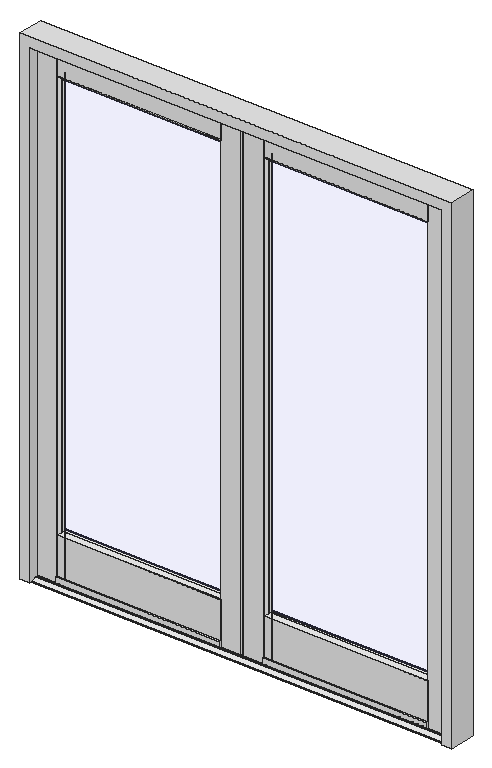
Revit family "kawneer-350_medstile-pr-ctr-02_16352", category Doors, host Wall, Revit 2015
Parameters (values of type "(2)3' x 7' B.R. 7 1/2"")
  URL = "http://www.kawneer.com/kawneer/north_america/en/product.asp?cat_id=1339&prod_id=1816"
  Type Comments = "CENTER HUNG"
  Thickness = 0' - 1 3/4"
  Rough Width = Width + 0' 4"  # 3' - 4"
  Rough Height = Height + 0' 2"  # 7' - 2"
  Product data url = "https://bimobject.com/kawneerna/product/16342"
  Operation = ""
  Opening Width = Width * 2  # 6' - 0"
  Model = "Pair 350 Medium Stile Door Center Set B.R. 7 1/2\""
  Manufacturer = "Kawneer"
  Height = 7' - 0"
  Wall Closure = By host
  Width = 3' - 0"
  Function = Interior
  Door Panel = Kawneer - Fluropon_Bone White-391X035
  Door Glazing = Glass
  Door Frame = Kawneer - Fluropon_Bone White-391X035
  Description = "The \"350\" medium stile entrance door offers a rugged appearance, features dual-moment corner construction and is designed for schools, institutions, and other high traffic conditions."
  Bottom Rail Height = 0' - 7 1/2"
  Assembly Code = "B2030110"
Types (2): name | Operation | Model | Bottom Rail Height
  (2)3' x 7' B.R.6 1/2" | "CENTER HUNG" | "Pair 350 Medium Stile Door Center Set B.R. 6 1/2\"" | 0' - 6 1/2"
  (2)3' x 7' B.R. 7 1/2" | "" | "Pair 350 Medium Stile Door Center Set B.R. 7 1/2\"" | 0' - 7 1/2"
Reference planes (in)
  plane 1: y = 0
  plane 2 "Center": x = 0
  plane 3 "Left": x = -36
  plane 4 "Right": x = 36
  plane 5 "Top": z = 84
  plane 6 "Glass center": y = 0.125
  plane 7: z = 8.1875
  plane 8: z = 0.6875
  plane 9: z = 84
  plane 10: x = -32.65625
  plane 11: x = 32.65838
Forms (in)
  Sweep 1, solid, material "Kawneer - Fluropon_Bone White-391X035" <- "Door Frame"
    path origin (-60, 3, 0) x (-1, 0, 0) y (0, 0, 1)
      loop
        line (-96, 0) -> (-96, 84) -> (-24, 84) -> (-24, 0)
    profile origin (0, 0, 42) x (1, 0, 0) y (0, 1, 0)
      loop
        line (38, 2.25) -> (36.25, 2.25) -> (36.25, -2.25) -> (38, -2.25) -> (38, 2.25)
  Extrusion 2, solid, material "Glass" <- "Door Glazing"
    sketch origin (0, 0.125, 0) x (1, 0, 0) y (0, 0, 1)
      loop
        line (32.65625, 8.375) -> (32.65625, 81.4375) -> (3.91303, 81.4375) -> (3.91303, 8.375) -> (32.65625, 8.375)
    from 0 to 0.25
  Extrusion 3, solid, material "Kawneer - Fluropon_Bone White-391X035" <- "Door Panel"
    sketch origin (0, -1.625, 0.15278) x (0, 1, 0) y (0, 0, 1)
      loop
        line (2.5, 0.53472) -> (2.5, 8.03472) -> (2.43512, 8.03472) -> (2.0085, 8.56703) -> (1.94736, 8.56703)
        arc (1.94736, 8.56703) -> (1.82437, 8.6428) -> (1.75, 8.76663) r 0.30526
        line (1.75, 8.76663) -> (1.75, 8.22222) -> (1.5, 8.22222) -> (1.5, 8.76663)
        arc (1.5, 8.76663) -> (1.42562, 8.6428) -> (1.30264, 8.56703) r 0.30526
        line (1.30264, 8.56703) -> (1.2675, 8.56703) -> (0.82596, 8.03472) -> (0.75, 8.03472) -> (0.75, 1.5921) -> (0.51155, 1.52781) -> (0.51155, 0.64322) -> (0.59155, 0.64322) -> (0.71055, 0.41022)
        arc (0.71055, 0.41022) -> (0.74752, 0.3939) -> (0.76384, 0.43087) r 0.02858
        line (0.76384, 0.43087) -> (0.68155, 0.64322) -> (0.75, 0.64322) -> (0.75, 0.53472) -> (0.888, 0.53472) -> (0.888, 1.25347) -> (2.388, 1.25347) -> (2.388, 0.53472) -> (2.5, 0.53472)
      loop
        line (0.901, 1.37847) -> (2.375, 1.37847) -> (2.375, 7.53572)
        arc (2.375, 7.53572) -> (2.25594, 7.55359) -> (2.201, 7.66072) r 0.1319
        line (2.201, 7.66072) -> (2.201, 7.84722) -> (1.075, 7.84722) -> (1.075, 7.66072)
        arc (1.075, 7.66072) -> (1.02006, 7.55359) -> (0.901, 7.53572) r 0.1319
        line (0.901, 7.53572) -> (0.901, 1.37847)
    from 3.72553 to 32.65838
  Extrusion 4, solid, material "Kawneer - Fluropon_Bone White-391X035" <- "Door Frame", detail levels medium+fine
    sketch origin (0, -1.625, 0) x (0, 1, 0) y (0, 0, 1)
      loop
        line (2.40824, 0.342) -> (2.82032, 0.342) -> (3.31016, 0.1166)
        arc (3.31016, 0.1166) -> (3.33645, 0.09372) -> (3.34624, 0.06027) r 0.062
        line (3.34624, 0.06027) -> (3.34624, 0) -> (3.62824, 0) -> (3.62824, 0.10205)
        arc (3.62824, 0.10205) -> (3.62318, 0.11931) -> (3.60962, 0.13112) r 0.032
        line (3.60962, 0.13112) -> (2.80798, 0.5) -> (2.67111, 0.5)
        arc (2.67111, 0.5) -> (2.63911, 0.468) -> (2.60711, 0.5) r 0.032
        line (2.60711, 0.5) -> (2.45311, 0.5)
        arc (2.45311, 0.5) -> (2.42111, 0.468) -> (2.38911, 0.5) r 0.032
        line (2.38911, 0.5) -> (2.25324, 0.5) -> (2.25324, 0.45) -> (1.00324, 0.45) -> (1.00324, 0.5) -> (0.86737, 0.5)
        arc (0.86737, 0.5) -> (0.83537, 0.468) -> (0.80337, 0.5) r 0.032
        line (0.80337, 0.5) -> (0.64937, 0.5)
        arc (0.64937, 0.5) -> (0.61737, 0.468) -> (0.58537, 0.5) r 0.032
        line (0.58537, 0.5) -> (0.4485, 0.5) -> (-0.35314, 0.13112)
        arc (-0.35314, 0.13112) -> (-0.36671, 0.11931) -> (-0.37176, 0.10205) r 0.032
        line (-0.37176, 0.10205) -> (-0.37176, 0) -> (-0.08976, 0) -> (-0.08976, 0.06027)
        arc (-0.08976, 0.06027) -> (-0.07997, 0.09372) -> (-0.05368, 0.1166) r 0.062
        line (-0.05368, 0.1166) -> (0.43616, 0.342) -> (0.84724, 0.342) -> (0.84724, 0.28492) -> (2.40824, 0.28492) -> (2.40824, 0.342)
    from -38 to 36.25
  Extrusion 5, solid, material "Kawneer - Fluropon_Bone White-391X035" <- "Door Panel"
    sketch origin (0, 0, 0) x (1, 0, 0) y (0, 1, 0)
      loop
        arc (0.22766, 0.875) -> (0.12658, 0.56805) -> (0.06928, 0.25) r 2.3125
        line (0.06928, 0.25) -> (0.25578, 0.25)
        arc (0.25578, 0.25) -> (0.31928, 0.312) -> (0.38178, 0.249) r 0.063
        line (0.38178, 0.249) -> (0.38178, -0.249)
        arc (0.38178, -0.249) -> (0.31928, -0.312) -> (0.25578, -0.25) r 0.063
        line (0.25578, -0.25) -> (0.06928, -0.25)
        arc (0.06928, -0.25) -> (0.12658, -0.56805) -> (0.22765, -0.875) r 2.3125
        line (0.22765, -0.875) -> (3.72553, -0.875) -> (3.72553, -0.81012) -> (4.25553, -0.3705) -> (4.25553, -0.30936)
        arc (4.25553, -0.30936) -> (4.31864, -0.19967) -> (4.42081, -0.125) r 0.30526
        line (4.42081, -0.125) -> (3.91303, -0.125) -> (3.91303, 0.125) -> (4.42081, 0.125)
        arc (4.42081, 0.125) -> (4.31864, 0.19967) -> (4.25553, 0.30936) r 0.30526
        line (4.25553, 0.30936) -> (4.25553, 0.3705) -> (3.72553, 0.81012) -> (3.72553, 0.875) -> (0.22766, 0.875)
    from 0.6875 to 84
  Extrusion 6, solid, material "Glass" <- "Door Glazing"
    sketch origin (0, 0.125, 0) x (-1, 0, 0) y (0, 0, -1)
      loop
        line (32.46875, -8.375) -> (3.91303, -8.375) -> (3.91303, -81.4375) -> (32.46875, -81.4375) -> (32.46875, -8.375)
    from 0 to 0.25
  Extrusion 7, solid, material "Kawneer - Fluropon_Bone White-391X035" <- "Door Panel"
    sketch origin (0, -1.625, 0.15278) x (0, 1, 0) y (0, 0, -1)
      loop
        line (2.5, -0.53472) -> (2.388, -0.53472) -> (2.388, -1.25347) -> (0.888, -1.25347) -> (0.888, -0.53472) -> (0.75, -0.53472) -> (0.75, -0.64322) -> (0.68155, -0.64322) -> (0.76384, -0.43087)
        arc (0.76384, -0.43087) -> (0.74752, -0.3939) -> (0.71055, -0.41022) r 0.02858
        line (0.71055, -0.41022) -> (0.59155, -0.64322) -> (0.51155, -0.64322) -> (0.51155, -1.52781) -> (0.75, -1.5921) -> (0.75, -8.03472) -> (0.82596, -8.03472) -> (1.2675, -8.56703) -> (1.30264, -8.56703)
        arc (1.30264, -8.56703) -> (1.42562, -8.6428) -> (1.5, -8.76663) r 0.30526
        line (1.5, -8.76663) -> (1.5, -8.22222) -> (1.75, -8.22222) -> (1.75, -8.76663)
        arc (1.75, -8.76663) -> (1.82437, -8.6428) -> (1.94736, -8.56703) r 0.30526
        line (1.94736, -8.56703) -> (2.0085, -8.56703) -> (2.43512, -8.03472) -> (2.5, -8.03472) -> (2.5, -0.53472)
      loop
        line (0.901, -1.37847) -> (0.901, -7.53572)
        arc (0.901, -7.53572) -> (1.02006, -7.55359) -> (1.075, -7.66072) r 0.1319
        line (1.075, -7.66072) -> (1.075, -7.84722) -> (2.201, -7.84722) -> (2.201, -7.66072)
        arc (2.201, -7.66072) -> (2.25594, -7.55359) -> (2.375, -7.53572) r 0.1319
        line (2.375, -7.53572) -> (2.375, -1.37847) -> (0.901, -1.37847)
    from 3.72553 to 32.65625
  Extrusion 8, solid, material "Kawneer - Fluropon_Bone White-391X035" <- "Door Panel"
    sketch origin (0, 0, 0) x (-1, 0, 0) y (0, -1, 0)
      loop
        line (0.22766, -0.875) -> (3.72553, -0.875) -> (3.72553, -0.81012) -> (4.25553, -0.3705) -> (4.25553, -0.30936)
        arc (4.25553, -0.30936) -> (4.31864, -0.19967) -> (4.42081, -0.125) r 0.30526
        line (4.42081, -0.125) -> (3.91303, -0.125) -> (3.91303, 0.125) -> (4.42081, 0.125)
        arc (4.42081, 0.125) -> (4.31864, 0.19967) -> (4.25553, 0.30936) r 0.30526
        line (4.25553, 0.30936) -> (4.25553, 0.3705) -> (3.72553, 0.81012) -> (3.72553, 0.875) -> (0.22765, 0.875)
        arc (0.22765, 0.875) -> (0.12658, 0.56805) -> (0.06928, 0.25) r 2.3125
        line (0.06928, 0.25) -> (0.25578, 0.25)
        arc (0.25578, 0.25) -> (0.31928, 0.312) -> (0.38178, 0.249) r 0.063
        line (0.38178, 0.249) -> (0.38178, -0.249)
        arc (0.38178, -0.249) -> (0.31928, -0.312) -> (0.25578, -0.25) r 0.063
        line (0.25578, -0.25) -> (0.06928, -0.25)
        arc (0.06928, -0.25) -> (0.12658, -0.56805) -> (0.22766, -0.875) r 2.3125
    from 0.6875 to 84
  Extrusion 9, solid, material "Kawneer - Fluropon_Bone White-391X035" <- "Door Panel"
    sketch origin (0, -0.125, 23.875) x (0, 1, 0) y (0, 0, 1)
      loop
        line (-0.75, 60.125) -> (-0.75, 56.625) -> (-0.68484, 56.625) -> (-0.24521, 56.095) -> (-0.15138, 56.095) -> (0, 55.96232) -> (0, 56.4375) -> (0.24999, 56.4375) -> (0.24999, 55.94982) -> (0.40117, 56.095) -> (0.49715, 56.095) -> (0.93677, 56.625) -> (1, 56.625) -> (1, 60.125) -> (0.93512, 60.125) -> (0.93512, 59.25) -> (-0.68512, 59.25) -> (-0.68512, 60.125) -> (-0.75, 60.125)
    from 3.72553 to 32.65838
  Extrusion 10, solid, material "Kawneer - Fluropon_Bone White-391X035" <- "Door Panel"
    sketch origin (0, -0.125, 23.875) x (0, 1, 0) y (0, 0, -1)
      loop
        line (-0.75, -60.125) -> (-0.68512, -60.125) -> (-0.68512, -59.25) -> (0.93512, -59.25) -> (0.93512, -60.125) -> (1, -60.125) -> (1, -56.625) -> (0.93677, -56.625) -> (0.49715, -56.095) -> (0.40117, -56.095) -> (0.24999, -55.94982) -> (0.24999, -56.4375) -> (0, -56.4375) -> (0, -55.96232) -> (-0.15138, -56.095) -> (-0.24521, -56.095) -> (-0.68484, -56.625) -> (-0.75, -56.625) -> (-0.75, -60.125)
    from 3.72553 to 32.65625
  Extrusion 11, solid, material "Kawneer - Fluropon_Bone White-391X035" <- "Door Panel"
    sketch origin (-34.75678, 0, 0) x (1, 0, 0) y (0, 1, 0)
      loop
        arc (-1.24109, 0.875) -> (-1.34217, 0.56805) -> (-1.39947, 0.25) r 2.3125
        line (-1.39947, 0.25) -> (-1.21296, 0.25)
        arc (-1.21296, 0.25) -> (-1.14947, 0.312) -> (-1.08697, 0.249) r 0.063
        line (-1.08697, 0.249) -> (-1.08697, -0.249)
        arc (-1.08697, -0.249) -> (-1.14947, -0.312) -> (-1.21296, -0.25) r 0.063
        line (-1.21296, -0.25) -> (-1.39947, -0.25)
        arc (-1.39947, -0.25) -> (-1.34217, -0.56805) -> (-1.24109, -0.875) r 2.3125
        line (-1.24109, -0.875) -> (2.10053, -0.875) -> (2.10053, -0.81012) -> (2.63053, -0.3705) -> (2.63053, -0.30936)
        arc (2.63053, -0.30936) -> (2.69364, -0.19967) -> (2.79581, -0.125) r 0.30526
        line (2.79581, -0.125) -> (2.28803, -0.125) -> (2.28803, 0.125) -> (2.79581, 0.125)
        arc (2.79581, 0.125) -> (2.69364, 0.19967) -> (2.63053, 0.30936) r 0.30526
        line (2.63053, 0.30936) -> (2.63053, 0.3705) -> (2.10053, 0.81012) -> (2.10053, 0.875) -> (-1.24109, 0.875)
    from 0.6875 to 84
  Extrusion 12, solid, material "Kawneer - Fluropon_Bone White-391X035" <- "Door Panel"
    sketch origin (34.75678, 0, 0) x (-1, 0, 0) y (0, -1, 0)
      loop
        line (-1.24109, -0.875) -> (2.08605, -0.875) -> (2.08605, -0.81365) -> (2.63053, -0.3705) -> (2.63053, -0.30936)
        arc (2.63053, -0.30936) -> (2.69364, -0.19967) -> (2.79581, -0.125) r 0.30526
        line (2.79581, -0.125) -> (2.28803, -0.125) -> (2.28803, 0.125) -> (2.79581, 0.125)
        arc (2.79581, 0.125) -> (2.69364, 0.19967) -> (2.63053, 0.30936) r 0.30526
        line (2.63053, 0.30936) -> (2.63053, 0.3705) -> (2.10053, 0.81012) -> (2.10053, 0.875) -> (-1.24109, 0.875)
        arc (-1.24109, 0.875) -> (-1.34217, 0.56805) -> (-1.39947, 0.25) r 2.3125
        line (-1.39947, 0.25) -> (-1.21296, 0.25)
        arc (-1.21296, 0.25) -> (-1.14947, 0.312) -> (-1.08697, 0.249) r 0.063
        line (-1.08697, 0.249) -> (-1.08697, 0.07548)
        arc (-1.08697, 0.07548) -> (-1.14947, 0.01249) -> (-1.21296, 0.07448) r 0.063
        line (-1.21296, 0.07448) -> (-1.41182, 0.07448)
        arc (-1.41182, 0.07448) -> (-1.37652, -0.40926) -> (-1.24109, -0.875) r 2.3125
    from 0.6875 to 84
Lines and regions (in)
  Opening 1
    outline origin (-90, -3, 0) x (1, 0, 0) y (0, 0, 1)
      loop
        line (52, 0) -> (128, 0) -> (128, 86) -> (52, 86) -> (52, 0)
  symbolic lines, style "Elevation Swing"
    curve 1: line (-0.38178, 3, 0.6875) -> (-36, 3, 42)
    curve 2: line (-36, 3, 42) -> (-0.22766, 3, 84.125)
    curve 10: line (0.38178, 3, 0.6875) -> (36, 3, 45.625)
    curve 11: line (36, 3, 45.625) -> (0.22766, 3, 84.125)
  symbolic lines
    curve 3: line (-36, 1, 0) -> (-34.25, 1, 0)
    curve 4: line (-36, 38.25, 0) -> (-36, 1, 0)
    curve 5: line (-34.25, 38.25, 0) -> (-36, 38.25, 0)
    curve 6: line (-34.25, 1, 0) -> (-34.25, 38.25, 0)
    curve 7: arc (-36, 38.25, 0) -> (-10.54416, 27.70584, 0) -> (0, 2.25, 0) r 36
    curve 12: line (36, 1, 0) -> (34.25, 1, 0)
    curve 13: line (36, 38.25, 0) -> (36, 1, 0)
    curve 14: line (34.25, 38.25, 0) -> (36, 38.25, 0)
    curve 15: line (34.25, 1, 0) -> (34.25, 38.25, 0)
    curve 16: arc (36, 38.25, 0) -> (10.54416, 27.70584, 0) -> (0, 2.25, 0) r 36
  model lines
    curve 8: line (0.06928, -1.19557, 0) -> (-0.06928, -1.19557, 0)
    curve 9: line (-0.06928, -1.19557, 0) -> (0.06928, -1.19557, 0)
Text (in)
  text "Exterior" at (-58.67754, 27.31104, 0), in view "Floor Line"
  text "Interior" at (-58.34764, -25.14366, 0), in view "Floor Line"
  text "Exterior" at (0, 40.15149, 123.01588), in view "Right"
  text "Interior" at (0, -64.39139, 123.01588), in view "Right"
  text "Interior" at (0, -31.01599, 123.00693), in view "Left"
  text "Exterior" at (0, 54.57065, 123.00693), in view "Left"
Dimensions and locks (in)
  equal spacing: plane 3 "Left", plane 2 "Center", plane 4 "Right"
  "Height": level to plane 5 "Top"
  "Opening Width": plane 3 "Left" to plane 4 "Right"
  equal spacing: host wall, curve 2, plane 5 "Top"
  locked: plane 4 "Right" to Opening 1 sketch curve at 2
  locked: Opening 1 sketch curve to plane 3 "Left" at 2
  locked: plane 5 "Top" to Opening 1 sketch curve at 2
  locked: Sweep 1 sketch curve to Sweep 1 sketch curve at 4.5
  locked: profile plane to Sweep 1 sketch curve at 2
  "Width": curve 5 to Sweep 1
  "Thickness": plane 3 "Left" to curve 6
  locked: Sweep 1 to Sweep 1 at 1.75  (x2)
  locked: plane 8 to level at 0.6875
  "Bottom Rail Height": plane 7 to plane 8
  equal spacing: Sweep 1 sketch curve, host wall, Sweep 1 sketch curve
  locked: Extrusion 9 sketch curve to Extrusion 9 sketch curve at 1.75
  locked: Extrusion 10 sketch curve to Extrusion 10 sketch curve at 1.75
  Extrusion 10 sketch curve to Extrusion 10 sketch curve to Extrusion 10 sketch curve = 0' - 0.66269" locked, 0' - 3 1/2" locked
  plane 9 to Sweep 1 = 0' - 0 1/4"
  Extrusion 8 sketch curve to Extrusion 8 sketch curve = 0' - 3.49787"
  locked: Extrusion 9 sketch curve to plane 9 at 3.5
  locked: Extrusion 9 sketch curve to Extrusion 9 sketch curve at 0.66269
  Extrusion 12 sketch curve to Extrusion 12 sketch curve = 0' - 3.49787"
  locked: Sweep 1 to plane 10 at 3.59375
  locked: plane 11 to plane 4 "Right" at 3.34162
  locked: plane 3 "Left" to plane 10 at 3.34375
  aligned and locked: Opening 1 sketch curve to level
  aligned and locked: plane 3 "Left" to curve 1
  aligned and locked: plane 4 "Right" to Sweep 1 sketch curve
  aligned and locked: Sweep 1 sketch curve to plane 3 "Left"
  aligned and locked: plane 5 "Top" to Sweep 1 sketch curve
  aligned and locked: plane 7 to Extrusion 3 sketch curve  (x2)
  aligned and locked: Extrusion 2 to Extrusion 3
  aligned and locked: plane 8 to Extrusion 3
  aligned and locked: Extrusion 4 to Sweep 1  (x2)
  aligned and locked: Extrusion 5 to plane 8
  aligned and locked: Extrusion 7 to Extrusion 6
  aligned and locked: curve 2 to Extrusion 8
  aligned and locked: Extrusion 8 to curve 1
  aligned and locked: Extrusion 9 sketch curve to Extrusion 9 sketch curve  (x2)
  aligned and locked: Extrusion 5 to plane 9
  aligned and locked: Extrusion 8 to plane 9
  aligned and locked: Extrusion 9 to plane 9
  aligned and locked: Extrusion 10 sketch curve to Extrusion 10 sketch curve  (x2)
  aligned and locked: Extrusion 10 to plane 9
  aligned and locked: plane 9 to plane 5 "Top"
  aligned and locked: Extrusion 6 to Extrusion 8
  aligned and locked: Extrusion 3 to Extrusion 5
  aligned and locked: Extrusion 9 to Extrusion 5
  aligned and locked: Extrusion 10 to Extrusion 8
  aligned and locked: Extrusion 7 to Extrusion 8
  aligned and locked: Extrusion 10 to Extrusion 11
  aligned and locked: Extrusion 7 to Extrusion 11
  aligned and locked: Extrusion 11 to plane 10
  aligned and locked: Extrusion 11 sketch curve to Extrusion 11 sketch curve
  aligned and locked: Extrusion 9 to plane 11
  aligned and locked: Extrusion 3 to plane 11
  aligned and locked: Extrusion 11 to plane 9
  aligned and locked: Extrusion 12 to plane 9
Automatic sketch dimensions
  curve 3 to plane 3 "Left" = 0' - 0"
  curve 7 to plane 2 "Center" = 0' - 0"
  curve 3 to plane 6 "Glass center" = 0' - 0 7/8"
  curve 1 to plane 8 = 0' - 0"
  curve 2 to plane 5 "Top" = 0' - 0 1/8"
  Sweep 1 sketch curve to level = 0' - 0"  (x2)
  Sweep 1 sketch curve to profile plane = 0' - 0 1/4"
  plane 7 to Extrusion 2 sketch curve = 0' - 0 3/16"
  plane 2 "Center" to Extrusion 2 sketch curve = 0' - 3.91303"
  plane 4 "Right" to Extrusion 2 sketch curve = 0' - 3 11/32"
  plane 5 "Top" to Extrusion 2 sketch curve = 0' - 2 9/16"
  Extrusion 3 sketch curve to plane 8 = 0' - 0"  (x2)
  Extrusion 3 sketch curve to plane 6 "Glass center" = 0' - 0"
  host wall to Extrusion 3 sketch curve = 0' - 0 1/8"
  Extrusion 3 sketch curve to Extrusion 3 sketch curve = 0' - 0.19736"
  Extrusion 3 sketch curve to Extrusion 3 sketch curve = 0' - 0 9/256"
  Extrusion 3 sketch curve to Extrusion 3 sketch curve = 0' - 0.05894"
  host wall to Extrusion 3 sketch curve = 0' - 0.55"
  Extrusion 3 sketch curve to Extrusion 3 sketch curve = 0' - 0.1319"  (x2)
  Extrusion 3 sketch curve to Extrusion 3 sketch curve = 0' - 0.0421"  (x2)
  Extrusion 3 sketch curve to Extrusion 3 sketch curve = 0' - 0.013"
  Extrusion 3 sketch curve to Extrusion 3 sketch curve = 0' - 0.24904"
  Extrusion 3 sketch curve to plane 8 = 0' - 0.10384"
  Extrusion 3 sketch curve to Extrusion 3 sketch curve = 0' - 0.12416"
  Extrusion 3 sketch curve to Extrusion 3 sketch curve = 0' - 0.01384"
  Extrusion 3 sketch curve to Extrusion 3 sketch curve = 0' - 0.07596"
  Extrusion 3 sketch curve to Extrusion 3 sketch curve = 0' - 0.02665"  (x2)
  Extrusion 3 sketch curve to plane 8 = 0' - 0.1245"
  Extrusion 3 sketch curve to Extrusion 3 sketch curve = 0' - 0.06845"
  plane 8 to Extrusion 3 sketch curve = 0' - 0.1085"
  Extrusion 3 sketch curve to Extrusion 3 sketch curve = 0' - 0.09"
  Extrusion 3 sketch curve to Extrusion 3 sketch curve = 0' - 0.23845"
  Extrusion 3 sketch curve to plane 6 "Glass center" = 0' - 0.19736"
  Extrusion 3 sketch curve to Extrusion 3 sketch curve = 0' - 0.06114"
  Extrusion 3 sketch curve to plane 6 "Glass center" = 0' - 0.29144"
  Extrusion 3 sketch curve to plane 6 "Glass center" = 0' - 0.451"
  Extrusion 3 sketch curve to plane 6 "Glass center" = 0' - 0.638"
  Extrusion 3 sketch curve to Extrusion 3 sketch curve = 0' - 0.23412"
  Extrusion 3 sketch curve to Extrusion 3 sketch curve = 0' - 0.06488"
  Extrusion 3 sketch curve to Extrusion 3 sketch curve = 0' - 0"  (x2)
  plane 8 to Extrusion 3 sketch curve = 0' - 0 23/32"
  Extrusion 3 sketch curve to Extrusion 3 sketch curve = 0' - 0 1/8"
  Extrusion 3 sketch curve to Extrusion 3 sketch curve = 0' - 0.14935"
  Extrusion 3 sketch curve to Extrusion 3 sketch curve = 0' - 0.06429"
  Extrusion 3 sketch curve to plane 7 = 0' - 0.499"  (x2)
  Extrusion 3 sketch curve to Extrusion 3 sketch curve = 0' - 0.1865"
  plane 7 to Extrusion 3 sketch curve = 0' - 0 3/16"
  Extrusion 3 sketch curve to Extrusion 3 sketch curve = 0' - 0.34482"  (x2)
  Extrusion 3 sketch curve to Extrusion 3 sketch curve = 0' - 0.1996"
  Extrusion 4 sketch curve to level = 0' - 0"  (x2)
  level to Extrusion 4 sketch curve = 0' - 0.10205"  (x2)
  Extrusion 4 sketch curve to host wall = 0' - 1.00324"
  level to Extrusion 4 sketch curve = 0' - 0.13112"
  Extrusion 4 sketch curve to Extrusion 4 sketch curve = 0' - 0.01862"
  level to Extrusion 4 sketch curve = 0' - 0.06027"  (x2)
  Extrusion 4 sketch curve to Extrusion 4 sketch curve = 0' - 0 1/4"  (x2)
  level to Extrusion 4 sketch curve = 0' - 0.1166"
  Extrusion 4 sketch curve to Extrusion 4 sketch curve = 0' - 0.03608"
  level to Extrusion 4 sketch curve = 0' - 0.342"  (x2)
  Extrusion 4 sketch curve to Extrusion 4 sketch curve = 0' - 0.48984"
  Extrusion 4 sketch curve to plane 8 = 0' - 0 3/16"
  Extrusion 4 sketch curve to Extrusion 4 sketch curve = 0' - 0.01233"  (x2)
  Extrusion 4 sketch curve to Extrusion 4 sketch curve = 0' - 0.13687"  (x2)
  Extrusion 4 sketch curve to Extrusion 4 sketch curve = 0' - 0.032"  (x5)
  Extrusion 4 sketch curve to Extrusion 4 sketch curve = 0' - 0.154"  (x2)
  Extrusion 4 sketch curve to Extrusion 4 sketch curve = 0' - 0.01187"
  Extrusion 4 sketch curve to Extrusion 4 sketch curve = 0' - 0.13587"  (x2)
  Extrusion 4 sketch curve to plane 8 = 0' - 0.2375"
  Extrusion 4 sketch curve to plane 6 "Glass center" = 0' - 0.50324"
  Extrusion 4 sketch curve to Extrusion 4 sketch curve = 0' - 0.01913"
  Extrusion 4 sketch curve to Extrusion 4 sketch curve = 0' - 0.46392"
  Extrusion 4 sketch curve to Extrusion 4 sketch curve = 0' - 0.02592"
  Extrusion 4 sketch curve to Extrusion 4 sketch curve = 0' - 0.062"
  Extrusion 4 sketch curve to Extrusion 4 sketch curve = 0' - 0.01338"
  Extrusion 4 sketch curve to Extrusion 4 sketch curve = 0' - 0.05708"
  Extrusion 4 sketch curve to Extrusion 4 sketch curve = 0' - 0.05"
  curve 16 to plane 2 "Center" = 0' - 0"
  curve 12 to plane 4 "Right" = 0' - 0"
  curve 9 to plane 2 "Center" = 0' - 0.06928"
  curve 8 to curve 9 = 0' - 0"  (x2)
  plane 2 "Center" to curve 9 = 0' - 0.06928"
  plane 4 "Right" to curve 12 = 0' - 1 3/4"
  host wall to curve 8 = 0' - 1.19557"
  curve 9 to curve 8 = 0' - 0"
  curve 12 to plane 6 "Glass center" = 0' - 0 7/8"
  curve 16 to host wall = 0' - 0 3/4"
  Extrusion 5 sketch curve to Extrusion 5 sketch curve = 0' - 0"  (x2)
  Extrusion 5 sketch curve to host wall = 0' - 0"
  Extrusion 5 sketch curve to plane 6 "Glass center" = 0' - 0"
  plane 2 "Center" to Extrusion 5 sketch curve = 0' - 0.06928"  (x2)
  plane 2 "Center" to Extrusion 5 sketch curve = 0' - 0.22765"
  plane 2 "Center" to Extrusion 5 sketch curve = 0' - 0.22766"
  Extrusion 5 sketch curve to Extrusion 5 sketch curve = 0' - 0.18651"  (x2)
  Extrusion 5 sketch curve to Extrusion 5 sketch curve = 0' - 0.06299"  (x2)
  Extrusion 5 sketch curve to Extrusion 5 sketch curve = 0' - 0.063"
  Extrusion 5 sketch curve to Extrusion 5 sketch curve = 0' - 1.98645"
  Extrusion 5 sketch curve to Extrusion 5 sketch curve = 0' - 1.3573"  (x2)
  host wall to Extrusion 5 sketch curve = 0' - 0 1/8"
  Extrusion 5 sketch curve to Extrusion 5 sketch curve = 0' - 0 3/16"
  Extrusion 5 sketch curve to Extrusion 5 sketch curve = 0' - 0.3425"  (x2)
  Extrusion 5 sketch curve to plane 6 "Glass center" = 0' - 0.18436"
  Extrusion 5 sketch curve to Extrusion 5 sketch curve = 0' - 0.16528"  (x2)
  Extrusion 5 sketch curve to Extrusion 5 sketch curve = 0' - 0.2904"
  Extrusion 5 sketch curve to plane 6 "Glass center" = 0' - 0.27844"
  host wall to Extrusion 5 sketch curve = 0' - 0.249"
  Extrusion 5 sketch curve to Extrusion 5 sketch curve = 0' - 0.18436"
  Extrusion 5 sketch curve to Extrusion 5 sketch curve = 0' - 0.06114"  (x2)
  Extrusion 5 sketch curve to Extrusion 5 sketch curve = 0' - 0.06488"  (x2)
  Extrusion 5 sketch curve to plane 6 "Glass center" = 0' - 0.124"
  Extrusion 6 sketch curve to plane 7 = 0' - 0 3/16"
  plane 2 "Center" to Extrusion 6 sketch curve = 0' - 3.91303"
  plane 3 "Left" to Extrusion 6 sketch curve = 0' - 3 17/32"
  Extrusion 6 sketch curve to plane 5 "Top" = 0' - 2 9/16"
  Extrusion 7 sketch curve to plane 7 = 0' - 0"  (x2)
  Extrusion 7 sketch curve to plane 8 = 0' - 0"  (x2)
  Extrusion 7 sketch curve to plane 6 "Glass center" = 0' - 0"
  host wall to Extrusion 7 sketch curve = 0' - 0 1/8"
  Extrusion 7 sketch curve to Extrusion 7 sketch curve = 0' - 0.19736"
  Extrusion 7 sketch curve to Extrusion 7 sketch curve = 0' - 0 9/256"
  Extrusion 7 sketch curve to Extrusion 7 sketch curve = 0' - 0.05894"
  host wall to Extrusion 7 sketch curve = 0' - 0.55"
  Extrusion 7 sketch curve to Extrusion 7 sketch curve = 0' - 0.1319"  (x2)
  Extrusion 7 sketch curve to Extrusion 7 sketch curve = 0' - 0.0421"  (x2)
  Extrusion 7 sketch curve to Extrusion 7 sketch curve = 0' - 0.013"
  Extrusion 7 sketch curve to Extrusion 7 sketch curve = 0' - 0.24904"
  Extrusion 7 sketch curve to plane 8 = 0' - 0.10384"
  Extrusion 7 sketch curve to Extrusion 7 sketch curve = 0' - 0.12416"
  Extrusion 7 sketch curve to Extrusion 7 sketch curve = 0' - 0.01384"
  Extrusion 7 sketch curve to Extrusion 7 sketch curve = 0' - 0.07596"
  Extrusion 7 sketch curve to Extrusion 7 sketch curve = 0' - 0.02665"  (x2)
  Extrusion 7 sketch curve to plane 8 = 0' - 0.1245"
  Extrusion 7 sketch curve to Extrusion 7 sketch curve = 0' - 0.06845"
  plane 8 to Extrusion 7 sketch curve = 0' - 0.1085"  (x2)
  Extrusion 7 sketch curve to Extrusion 7 sketch curve = 0' - 0.09"
  Extrusion 7 sketch curve to Extrusion 7 sketch curve = 0' - 0.23845"
  Extrusion 7 sketch curve to plane 6 "Glass center" = 0' - 0.19736"
  Extrusion 7 sketch curve to Extrusion 7 sketch curve = 0' - 0.06114"
  Extrusion 7 sketch curve to plane 6 "Glass center" = 0' - 0.29144"
  Extrusion 7 sketch curve to plane 6 "Glass center" = 0' - 0.451"
  Extrusion 7 sketch curve to plane 6 "Glass center" = 0' - 0.638"
  Extrusion 7 sketch curve to Extrusion 7 sketch curve = 0' - 0.23412"
  Extrusion 7 sketch curve to Extrusion 7 sketch curve = 0' - 0.06488"
  plane 7 to Extrusion 7 sketch curve = 0' - 0 3/16"
  Extrusion 7 sketch curve to Extrusion 7 sketch curve = 0' - 0.34482"  (x2)
  Extrusion 7 sketch curve to Extrusion 7 sketch curve = 0' - 0.1996"
  Extrusion 7 sketch curve to Extrusion 7 sketch curve = 0' - 0"
  Extrusion 7 sketch curve to plane 7 = 0' - 0 3/16"
  Extrusion 7 sketch curve to Extrusion 7 sketch curve = 0' - 0.1865"  (x2)
  Extrusion 7 sketch curve to Extrusion 7 sketch curve = 0' - 0.94889"
  Extrusion 7 sketch curve to Extrusion 7 sketch curve = 0' - 0.06429"
  plane 8 to Extrusion 7 sketch curve = 0' - 0 27/32"
  Extrusion 7 sketch curve to Extrusion 7 sketch curve = 0' - 0 1/8"
  Extrusion 8 sketch curve to Extrusion 8 sketch curve = 0' - 0"  (x2)
  Extrusion 8 sketch curve to host wall = 0' - 0"
  Extrusion 8 sketch curve to plane 6 "Glass center" = 0' - 0"
  plane 2 "Center" to Extrusion 8 sketch curve = 0' - 0.06928"  (x2)
  plane 2 "Center" to Extrusion 8 sketch curve = 0' - 0.22765"
  plane 2 "Center" to Extrusion 8 sketch curve = 0' - 0.22766"
  Extrusion 8 sketch curve to Extrusion 8 sketch curve = 0' - 0.18651"  (x2)
  Extrusion 8 sketch curve to Extrusion 8 sketch curve = 0' - 0.06299"  (x2)
  Extrusion 8 sketch curve to Extrusion 8 sketch curve = 0' - 0.063"
  Extrusion 8 sketch curve to Extrusion 8 sketch curve = 0' - 1.3573"  (x2)
  Extrusion 8 sketch curve to host wall = 0' - 0 1/8"
  Extrusion 8 sketch curve to Extrusion 8 sketch curve = 0' - 0 3/16"
  Extrusion 8 sketch curve to Extrusion 8 sketch curve = 0' - 0.3425"  (x2)
  plane 6 "Glass center" to Extrusion 8 sketch curve = 0' - 0.18436"
  Extrusion 8 sketch curve to Extrusion 8 sketch curve = 0' - 0.16528"  (x2)
  Extrusion 8 sketch curve to Extrusion 8 sketch curve = 0' - 0.2904"
  plane 6 "Glass center" to Extrusion 8 sketch curve = 0' - 0.27844"
  Extrusion 8 sketch curve to host wall = 0' - 0.249"
  Extrusion 8 sketch curve to Extrusion 8 sketch curve = 0' - 0.18436"
  Extrusion 8 sketch curve to Extrusion 8 sketch curve = 0' - 0.06114"  (x2)
  Extrusion 8 sketch curve to Extrusion 8 sketch curve = 0' - 0.06488"  (x2)
  plane 6 "Glass center" to Extrusion 8 sketch curve = 0' - 0.124"
  curve 10 to plane 4 "Right" = 0' - 0"
  curve 10 to plane 8 = 0' - 0"
  plane 2 "Center" to curve 10 = 0' - 0.38178"
  plane 2 "Center" to curve 11 = 0' - 0.22766"
  plane 7 to curve 11 = 3' - 1 7/16"
  curve 11 to plane 5 "Top" = 0' - 0 1/8"
  Extrusion 9 sketch curve to plane 5 "Top" = 0' - 0"
  Extrusion 9 sketch curve to plane 6 "Glass center" = 0' - 0"
  host wall to Extrusion 9 sketch curve = 0' - 0 1/8"
  Extrusion 9 sketch curve to Extrusion 9 sketch curve = 0' - 0.15138"
  Extrusion 9 sketch curve to Extrusion 9 sketch curve = 0' - 0.09383"
  Extrusion 9 sketch curve to Extrusion 9 sketch curve = 0' - 0.43962"
  host wall to Extrusion 9 sketch curve = 0' - 0.81012"
  Extrusion 9 sketch curve to Extrusion 9 sketch curve = 0' - 0.06488"  (x2)
  Extrusion 9 sketch curve to plane 6 "Glass center" = 0' - 0.15117"
  Extrusion 9 sketch curve to Extrusion 9 sketch curve = 0' - 0.09598"
  Extrusion 9 sketch curve to Extrusion 9 sketch curve = 0' - 0.06323"
  Extrusion 9 sketch curve to Extrusion 9 sketch curve = 0' - 0.0125"
  Extrusion 9 sketch curve to Extrusion 9 sketch curve = 0' - 0.13269"
  Extrusion 9 sketch curve to Extrusion 9 sketch curve = 0' - 0.14518"
  Extrusion 9 sketch curve to Extrusion 9 sketch curve = 0' - 0.3425"
  plane 5 "Top" to Extrusion 9 sketch curve = 0' - 0 7/8"
  Extrusion 10 sketch curve to plane 5 "Top" = 0' - 0"
  Extrusion 10 sketch curve to plane 6 "Glass center" = 0' - 0"
  host wall to Extrusion 10 sketch curve = 0' - 0 1/8"
  Extrusion 10 sketch curve to Extrusion 10 sketch curve = 0' - 0.15138"
  Extrusion 10 sketch curve to Extrusion 10 sketch curve = 0' - 0.09383"
  Extrusion 10 sketch curve to Extrusion 10 sketch curve = 0' - 0.43962"
  host wall to Extrusion 10 sketch curve = 0' - 0.81012"
  Extrusion 10 sketch curve to Extrusion 10 sketch curve = 0' - 0.06488"  (x2)
  Extrusion 10 sketch curve to plane 6 "Glass center" = 0' - 0.15117"
  Extrusion 10 sketch curve to Extrusion 10 sketch curve = 0' - 0.09598"
  Extrusion 10 sketch curve to Extrusion 10 sketch curve = 0' - 0.06323"
  plane 5 "Top" to Extrusion 10 sketch curve = 0' - 0 7/8"
  Extrusion 10 sketch curve to Extrusion 10 sketch curve = 0' - 0.47519"
  Extrusion 10 sketch curve to Extrusion 10 sketch curve = 0' - 0.13269"
  Extrusion 10 sketch curve to Extrusion 10 sketch curve = 0' - 0.3425"
  Extrusion 10 sketch curve to Extrusion 10 sketch curve = 0' - 0.14518"
  Extrusion 11 sketch curve to Extrusion 11 sketch curve = 0' - 0"  (x3)
  Extrusion 11 sketch curve to host wall = 0' - 0"
  Extrusion 11 sketch curve to plane 6 "Glass center" = 0' - 0"
  plane 3 "Left" to Extrusion 11 sketch curve = 0' - 0 5/32"  (x2)
  Extrusion 11 sketch curve to plane 3 "Left" = 0' - 0.00212"
  Extrusion 11 sketch curve to plane 3 "Left" = 0' - 0.00213"
  Extrusion 11 sketch curve to plane 3 "Left" = 0' - 0.03025"  (x2)
  Extrusion 11 sketch curve to Extrusion 11 sketch curve = 0' - 0.06299"  (x2)
  Extrusion 11 sketch curve to Extrusion 11 sketch curve = 0' - 0.063"
  Extrusion 11 sketch curve to Extrusion 11 sketch curve = 0' - 1.20105"
  host wall to Extrusion 11 sketch curve = 0' - 0 1/8"
  Extrusion 11 sketch curve to Extrusion 11 sketch curve = 0' - 0 3/16"
  Extrusion 11 sketch curve to Extrusion 11 sketch curve = 0' - 0.3425"  (x2)
  Extrusion 11 sketch curve to plane 6 "Glass center" = 0' - 0.18436"
  Extrusion 11 sketch curve to Extrusion 11 sketch curve = 0' - 0.16528"  (x2)
  Extrusion 11 sketch curve to Extrusion 11 sketch curve = 0' - 0.2904"
  Extrusion 11 sketch curve to plane 6 "Glass center" = 0' - 0.27844"
  host wall to Extrusion 11 sketch curve = 0' - 0.249"
  Extrusion 11 sketch curve to Extrusion 11 sketch curve = 0' - 0.18436"
  Extrusion 11 sketch curve to Extrusion 11 sketch curve = 0' - 0.06114"  (x2)
  Extrusion 11 sketch curve to Extrusion 11 sketch curve = 0' - 0.06488"  (x2)
  Extrusion 11 sketch curve to plane 6 "Glass center" = 0' - 0.124"
  Extrusion 12 sketch curve to Extrusion 12 sketch curve = 0' - 0"  (x2)
  Extrusion 12 sketch curve to host wall = 0' - 0"
  Extrusion 12 sketch curve to plane 6 "Glass center" = 0' - 0"
  Extrusion 12 sketch curve to plane 4 "Right" = 0' - 0 5/32"
  plane 4 "Right" to Extrusion 12 sketch curve = 0' - 0.00212"
  plane 4 "Right" to Extrusion 12 sketch curve = 0' - 0.00213"
  plane 4 "Right" to Extrusion 12 sketch curve = 0' - 0.03025"  (x2)
  Extrusion 12 sketch curve to Extrusion 12 sketch curve = 0' - 0.06299"  (x2)
  Extrusion 12 sketch curve to Extrusion 12 sketch curve = 0' - 0.063"
  Extrusion 12 sketch curve to Extrusion 12 sketch curve = 0' - 1.20105"
  host wall to Extrusion 12 sketch curve = 0' - 0 1/8"
  Extrusion 12 sketch curve to Extrusion 12 sketch curve = 0' - 0 3/16"
  Extrusion 12 sketch curve to Extrusion 12 sketch curve = 0' - 0.3425"  (x2)
  Extrusion 12 sketch curve to plane 6 "Glass center" = 0' - 0.18436"
  Extrusion 12 sketch curve to Extrusion 12 sketch curve = 0' - 0.16528"  (x2)
  Extrusion 12 sketch curve to Extrusion 12 sketch curve = 0' - 0.2904"
  Extrusion 12 sketch curve to plane 6 "Glass center" = 0' - 0.27844"
  Extrusion 12 sketch curve to plane 6 "Glass center" = 0' - 0.68866"
  Extrusion 12 sketch curve to Extrusion 12 sketch curve = 0' - 0.06135"
  Extrusion 12 sketch curve to Extrusion 12 sketch curve = 0' - 0.06114"  (x2)
  host wall to Extrusion 12 sketch curve = 0' - 0.249"
  Extrusion 12 sketch curve to Extrusion 12 sketch curve = 0' - 0.18436"
  Extrusion 12 sketch curve to Extrusion 12 sketch curve = 0' - 0.06488"
  Extrusion 11 sketch curve to plane 10 = 0' - 0"
  Extrusion 12 sketch curve to plane 11 = 0' - 1.19893"
